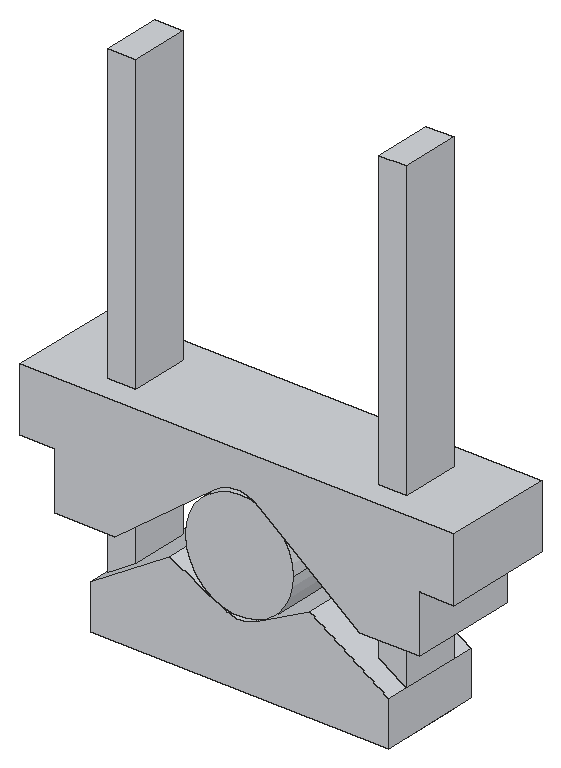
Revit family
Parameters (values of type "1/2" IPS")
  URL = "www.siouxchief.com"
  Model = "550-11"
  Manufacturer = "Sioux Chief Manufacturing"
  Keynote = "Touchdown Clamp"
  Description = "1/2\" IPS"
Reference planes (in)
  plane 1 "Center (Front/Back)": y = 0
  plane 2: z = 0
  plane 3 "Center (Left/Right)": x = 0
Forms (in)
  Extrusion 1, solid
    sketch origin (-0.687, 0.23525, 0) x (0, 0, 1) y (-1, 0, 0)
      loop
        line (0, 0) -> (0, -1.374) -> (0.20279, -1.374) -> (0.43606, -1.00854) -> (0.3064, -0.759)
        arc (0.3064, -0.759) -> (0.28881, -0.687) -> (0.3064, -0.615) r 0.15615
        line (0.3064, -0.615) -> (0.43606, -0.36546) -> (0.20279, 0) -> (0, 0)
    from 0 to 0.4705
  Extrusion 2, solid
    sketch origin (0, 0, 0) x (1, 0, 0) y (0, 1, 0)
      loop
        line (-0.687, 0.13525) -> (-0.687, -0.13525) -> (-0.562, -0.13525) -> (-0.562, 0.13525) -> (-0.687, 0.13525)
    from 0 to 2.36
  Extrusion 3, solid
    sketch origin (0, 0, 0) x (-1, 0, 0) y (0, -1, 0)
      loop
        line (-0.687, -0.13525) -> (-0.562, -0.13525) -> (-0.562, 0.13525) -> (-0.687, 0.13525) -> (-0.687, -0.13525)
    from 0 to 2.36
  Extrusion 4, solid
    sketch origin (-1, 0.251, -1.99851) x (0, 0, 1) y (-1, 0, 0)
      loop
        line (3, 0) -> (2.7052, 0) -> (2.7052, -0.1576) -> (2.4402, -0.1576) -> (2.4402, -0.437) -> (2.79546, -0.89417)
        arc (2.79546, -0.89417) -> (2.83175, -1) -> (2.79546, -1.10583) r 0.17247
        line (2.79546, -1.10583) -> (2.4402, -1.563) -> (2.4402, -1.8424) -> (2.7052, -1.8424) -> (2.7052, -2) -> (3, -2) -> (3, 0)
    from 0 to 0.502
  Extrusion 5, solid
    sketch origin (0, -0.211, 0.00391) x (0, 0, 1) y (-1, 0, 0)
      loop
        circle (0.55053, 0) r 0.25
    from -0.44625 to 0.02425
Dimensions and locks (in)
  locked: Extrusion 4 to Extrusion 1 at 1.00149
  aligned and locked: plane 2 to level
  aligned and locked: Extrusion 1 to Extrusion 5  (x2)
Connectors (in)
  piping at (0, -0.23525, 0.55443)
    settings: on Extrusion 5, index 1, connector radius 1/4", flow factor 0, pipe flow 0 GPM, pressure drop 0.00 psi, fitting loss kfactor 0, connector angle 0.00°, fixture units 0, flow configuration 0, flow direction 0, fitting loss method 0, system type 22, connector reference index -1, connector utility 0, adjustable connector no, is connector primary yes, fitting loss table "", connector description ""
  piping at (0, 0.23525, 0.55443)
    settings: on Extrusion 5, index 2, connector radius 1/4", flow factor 0, pipe flow 0 GPM, pressure drop 0.00 psi, fitting loss kfactor 0, connector angle 0.00°, fixture units 0, flow configuration 0, flow direction 0, fitting loss method 0, system type 22, connector reference index -1, connector utility 0, adjustable connector no, is connector primary no, fitting loss table "", connector description ""
